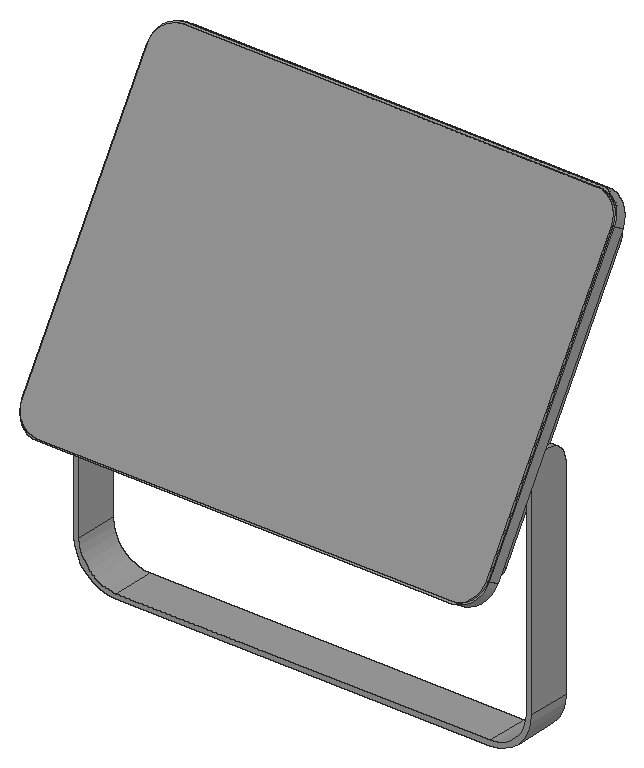
Revit family "0047969 Sylvania Lighting Fixture START eco Flood Flat IP65 4500lm 840", category Lighting Fixtures, host Face, Revit 2016
Family settings
  Host = Face
  Part Type = Normal
  Round Connector Dimension = Use Diameter
  OmniClass Number = 23.80.70.00
  OmniClass Title = Lighting
  Cut with Voids When Loaded = No
  Light Source = No
  Shared = No
  Room Calculation Point = No
Parameters (values of type "0047969 ST E FLD FLT IP65 4500LM 840")
  WidthBracketIn_SYL = if([10W_SYL], 102.2 mm, if([30W_SYL], 143.3 mm, if([50W_SYL], 181 mm, 262.8 mm)))  # 181 mm
  Weight = "3.925 kg"
  Wattage Comments = ""
  WarrantyStartDate [instance] = "n/a"
  WarrantyGuarantorParts = "n/a"
  WarrantyDurationUnit = "n/a"
  WarrantyDurationParts = "n/a"
  WarrantyDescription = "n/a"
  Voltage = 0 V
  URL = "http://www.sylvania-lighting.com"
  TypeName = "START eco Flood Flat IP65 4500lm 840"
  TypeLight_SYL = START eco Flood Flat Lamp : 0047969 ST E FLD FLT IP65 4500LM 840
  Type Image = <None>
  Type Comments = "n/a"
  ThicknessBracket_SYL = if([10W_SYL], 1.5 mm, 2 mm)  # 2 mm
  SerialNumber [instance] = "n/a"
  RotationAngle_SYL [instance] = 32.00°
  RadiusBracket_SYL = if([10W_SYL], 7.7 mm, if([30W_SYL], 8 mm, if([50W_SYL], 17 mm, 14 mm)))  # 17 mm
  RadiusBracketIn_SYL = RadiusBracket_SYL - ThicknessBracket_SYL  # 15 mm
  OffsetAxis_SYL = DepthBracket_SYL / 2  # 8.5 mm
  PowerFactor = 0.9
  PowerConsumption = "50 W"
  NominalLength = 193 mm
  NominalHeight = 48 mm
  NominalDepth = 190 mm
  Name = "START eco Flood Flat IP65 4500lm 840"
  ModelReference = Name  # "START eco Flood Flat IP65 4500lm 840"
  ModelNumber = "0047969"
  Model = Name  # "START eco Flood Flat IP65 4500lm 840"
  Material = "adc12 housing"
  ManufacturerName = "Feilo Sylvania"
  Manufacturer = "Feilo Sylvania"
  LuminousEfficacy = "95 lm/W"
  LuminaireType = ""
  LightOutputRatio = "n/a"
  LampsType = Lamp  # "LED"
  LampNominalLuminous = "4750 lm"
  LampMacAdamStep = "n/a"
  LampColourTemperature = "4000 K"
  LampColourRenderingIndex = "80"
  Lamp = "LED"
  Keynote = "16500"
  InstallationDate [instance] = "n/a"
  InputVoltage = "n/a"
  InputNominalFrequency = "n/a"
  IngressProtection = "IP65"
  ImpactProtectionIndex = "IK07"
  IfcExportType = "IfcLightFixtureType"
  IfcExportAs = "IfcLightFixtureType"
  HeightBracket_SYL = if([10W_SYL], 55 mm, if([30W_SYL], 70 mm, if([50W_SYL], 110 mm, 141 mm)))  # 110 mm
  ExpectedLife = 30000
  EndAngle_SYL [instance] = RotationAngle_SYL + 180.00°  # 212.00°
  ElectricShockClassification = "Class I"
  DurationUnit = "hours"
  DocumentationLiterature = "http://www.sylvania-lighting.com/product/en-int/products/0047969"
  DimmingControlOptions = "n/a"
  Description = "The new Start eco Flood Flat comes with improved design. The streamlined, durable, lightweight die-cast aluminium body makes it a perfect choice for building facades, car parks, garages and construction areas. The product includes 1 m pre-wired stripped cable and fitting bracket for quick and easy installation and the universal mounting bracket allows wall or surface mounting with the possibility of vertical tilting. Black die-cast aluminum housing, white reflector, 4750 lm, 50 W, 95 lm/W, 4000K, drive current 193 mA, non dimmable, CRI>80, IP65, IK07, Class I, lumen maintenance L70:B50: 30000 hrs, 193 x 190 x 48 mm (L x W x H). Weight: 0.785kg. Energy class: A++ A+ A."
  DepthBracket_SYL = if([10W_SYL], 15 mm, if([30W_SYL], 15 mm, if([50W_SYL], 17 mm, 25 mm)))  # 17 mm
  Default Elevation = 1219.2 mm
  CreatedOn = "10/8/2018"
  CreatedBy = "@sylvania-lighting.com"
  Cost = 0
  built-in parameter 1114216 [instance] = (empty or 0)
  ClassificationValue = "EF_70_80"
  ClassificationName = "Uniclass2015"
  Material_1_SYL = Body-Sylvania-FloodFlat-Black
  BarCode [instance] = "n/a"
  AssetType = "Fixed"
  AssetIdentifier [instance] = "n/a"
  Assembly Code = "D5020200"
  Apparent Load = 50 VA
  50W_SYL = yes
  30W_SYL = no
  10W_SYL = no
Reference planes
  plane 1 "Center (Front/Back)": y = 0
  plane 2: z = 0
  plane 3 "Center (Left/Right)": x = 0
  plane 4: x = -92.5
  plane 5: x = 92.5
  plane 6: z = 110
  plane 7: z = 101.5
  plane 8: x = -90.5
  plane 9: x = 90.5
  plane 10: z = 2
  plane 11: y = 8.5
  plane 12: y = -8.5
  plane 13: x = -75.5
  plane 14: z = 17
  plane 15: x = 75.5
  plane 16: y = -10.5
  plane 17: z = 112
  plane 18: y = 10.5
Forms (mm)
  Extrusion 1, solid, material "Body-Sylvania-FloodFlat-Black" <- "Material_1_SYL"
    sketch origin (0, 0, 0) x (1, 0, 0) y (0, 0, 1)
      loop
        line (-90.5, 110) -> (-92.5, 110) -> (-92.5, 17)
        arc (-92.5, 17) -> (-87.521, 4.979) -> (-75.5, 0) r 17
        line (-75.5, 0) -> (75.5, 0)
        arc (75.5, 0) -> (87.521, 4.979) -> (92.5, 17) r 17
        line (92.5, 17) -> (92.5, 110) -> (90.5, 110) -> (90.5, 17)
        arc (90.5, 17) -> (86.107, 6.393) -> (75.5, 2) r 15
        line (75.5, 2) -> (-75.5, 2)
        arc (-75.5, 2) -> (-86.107, 6.393) -> (-90.5, 17) r 15
        line (-90.5, 17) -> (-90.5, 110)
    from -8.5 to 8.5
  Extrusion 2, void
    sketch origin (0, 0, 0) x (0, 1, 0) y (0, 0, 1)
      loop
        line (8.5, 101.5) -> (10.5, 101.5) -> (10.5, 112) -> (-10.5, 112) -> (-10.5, 101.5) -> (-8.5, 101.5)
        arc (-8.5, 101.5) -> (0, 110) -> (8.5, 101.5) r 8.5
    from -92.5 to 92.5
  Revolve 3, solid, not visible
    sketch origin (0, 0, 0) x (1, 0, 0) y (0, 0, 1)
      loop
        line (0, 101.5) -> (0, 110) -> (-12.336, 110) -> (-12.336, 101.5) -> (0, 101.5)
      axis (0, 101.5) -> (-12.336, 101.5)
    angle from 32 <- "RotationAngle_SYL" to 212 <- "EndAngle_SYL"
Cuts and joins
  Extrusion 2 cuts Extrusion 1
Dimensions and locks
  equal spacing: plane 9, plane 3 "Center (Left/Right)", plane 8
  "WidthBracketIn_SYL": plane 9 to plane 8
  "ThicknessBracket_SYL": plane 8 to plane 4
  "ThicknessBracket_SYL": plane 5 to plane 9
  "ThicknessBracket_SYL": plane 10 to plane 2
  equal spacing: plane 12, plane 1 "Center (Front/Back)", plane 11
  "DepthBracket_SYL": plane 12 to plane 11
  "OffsetAxis_SYL": plane 7 to plane 6
  "HeightBracket_SYL": plane 6 to plane 2
  "RadiusBracket_SYL": plane 14 to plane 2
  equal spacing: plane 15, plane 3 "Center (Left/Right)", plane 13
  "RadiusBracket_SYL": plane 13 to plane 4
  equal spacing: plane 16, plane 1 "Center (Front/Back)", plane 18
  locked: plane 16 to plane 12 at 2
  locked: plane 6 to plane 17 at 2
  "RadiusBracket_SYL": radius of Extrusion 1 sketch curve  (x2)
  "RadiusBracketIn_SYL": radius of Extrusion 1 sketch curve  (x2)
  aligned and locked: plane 2 to host face
  aligned and locked: level to host face
  aligned and locked: Extrusion 1 sketch curve to plane 6  (x2)
  aligned and locked: Extrusion 1 sketch curve to plane 4
  aligned and locked: plane 5 to Extrusion 1 sketch curve
  aligned and locked: Extrusion 1 sketch curve to plane 9
  aligned and locked: Extrusion 1 sketch curve to plane 2
  aligned and locked: plane 13 to Extrusion 1 sketch curve
  aligned and locked: plane 14 to Extrusion 1 sketch curve  (x2)
  aligned and locked: plane 15 to Extrusion 1 sketch curve
  aligned and locked: Extrusion 1 to plane 11
  aligned and locked: plane 12 to Extrusion 1
  aligned and locked: plane 11 to Extrusion 2 sketch curve
  aligned and locked: plane 1 "Center (Front/Back)" to Extrusion 2 sketch curve
  aligned and locked: plane 7 to Extrusion 2 sketch curve
  aligned and locked: plane 17 to Extrusion 2 sketch curve
  aligned and locked: plane 18 to Extrusion 2 sketch curve
  aligned and locked: Extrusion 2 sketch curve to plane 16
  aligned and locked: Extrusion 2 sketch curve to plane 7  (x2)
  aligned and locked: plane 5 to Extrusion 2
  aligned and locked: Extrusion 2 to plane 4
  aligned and locked: Revolve 3 sketch curve to plane 7  (x2)
  aligned and locked: Revolve 3 sketch curve to plane 3 "Center (Left/Right)"
  aligned and locked: plane 6 to Revolve 3 sketch curve
  aligned and locked: plane 3 "Center (Left/Right)" to nested 1
Automatic sketch dimensions
  host sketch curve to host sketch curve = 2438.4 mm  (x2)
  Revolve 3 sketch curve to plane 3 "Center (Left/Right)" = 12.336 mm
  Revolve 3 sketch curve to plane 4 = 1122.5 mm
  plane 5 to Revolve 3 sketch curve = 1130.9 mm
Nested families
  nested 1: "START eco Flood Flat Lamp" at (0, 11.155, 119.351) x (1, 0, 0) z (0, -0.848, 0.5299), type <- "TypeLight_SYL", type "0047969 ST E FLD FLT IP65 4500LM 840"
    with built-in parameter 1114216 (empty or 0)
Connectors
  electrical at (0, 0, 0), driven by "Apparent Load", driven by "PowerFactor", driven by "Voltage"
    settings: index 1, voltage 0 V, apparent load 50 VA, apparent load phase1 0 VA, apparent load phase2 0 VA, apparent load phase3 0 VA, power factor 0.9, load classification "Lighting", number of poles 1, system type 30, power factor state 1, is connector primary yes, connector utility no, sub classification motor no, connector description ""
Definition of nested family "START eco Flood Flat Lamp"
  Parameters (values of type "0047977 ST E FLD FLT IP65 9000LM 840")
    Width_SYL = if([10W_SYL], 110 mm, if([30W_SYL], 151 mm, if([50W_SYL], 189 mm, 275 mm)))  # 275 mm
    WidthLEDBoard_SYL = if([10W_SYL], 40 mm, if([30W_SYL], 83 mm, if([50W_SYL], 80 mm, 180 mm)))  # 180 mm
    WidthVignette_SYL = if([10W_SYL], 78.6 mm, if([30W_SYL], 120 mm, if([50W_SYL], 157 mm, 226 mm)))  # 226 mm
    WidthBoltHousing_SYL = 4 * OffsetBoltHousing_SYL  # 24.5 mm
    Wattage Comments = "n/a"
    Wattage = 100 W
    built-in parameter 1150110 = 1 (stored number, unit not read)
    URL = "http://www.sylvania-lighting.com"
    Type Image = (empty or 0)
    Type Comments = "n/a"
    built-in parameter 1114217 = 1 (stored number, unit not read)
    Tilt Angle = -90.00°
    ThicknessScreen_SYL = if([10W_SYL], 5 mm, if([30W_SYL], 5.2 mm, if([50W_SYL], 5.4 mm, 6.1 mm)))  # 6.1 mm
    ThicknessDiffuser_SYL = 0.8 mm  # constant formula
    built-in parameter 1150109 = 1 (stored number, unit not read)
    built-in parameter 1150134 = 12
    built-in parameter 1150113 = 1 (stored number, unit not read)
    RotationAxisFromTop_SYL = if([10W_SYL], 48.8 mm, if([30W_SYL], 61.7 mm, if([50W_SYL], 91.3 mm, 133.4 mm)))  # 133.4 mm
    RadiusLEDBoard_SYL = if([10W_SYL], 1.5 mm, if([30W_SYL], 2 mm, if([50W_SYL], 1.9 mm, 3.7 mm)))  # 3.7 mm
    RadiusDiffuser_SYL = RadiusCorners_SYL - ThicknessDiffuser_SYL  # 13.4 mm
    RadiusCorners_SYL = if([10W_SYL], 10.5 mm, if([30W_SYL], 10.7 mm, if([50W_SYL], 10.7 mm, 14.2 mm)))  # 14.2 mm
    RadiusBoltHousing_SYL = if([10W_SYL], 4.1 mm, if([30W_SYL], 4.9 mm, if([50W_SYL], 5 mm, 8.1 mm)))  # 8.1 mm
    RadiusBack_SYL = RadiusCorners_SYL - OffsetXBack_SYL / 3  # 10.117 mm
    RadiusBackB_SYL = RadiusBack_SYL - OffsetXBackB_SYL  # 7.054 mm
    Photometric Web File = "0047977.ies"
    PIR_SYL = no
    PIRHolderRadius_SYL = PIRBaseFillet_SYL + 2 mm  # 11 mm
    PIRFillet_SYL = 3 mm  # constant formula
    PIRBaseWidth_SYL = 38 mm
    PIRBaseFillet_SYL = PIRBaseDepth_SYL / 2  # 9 mm
    PIRBaseDepth_SYL = 18 mm
    OffsetYBack_SYL = (Height_SYL - HeightVignette_SYL) / 4  # 11 mm
    OffsetYBackB_SYL = OffsetYBack_SYL / 4  # 2.75 mm
    OffsetXBack_SYL = (Width_SYL - WidthVignette_SYL) / 4  # 12.25 mm
    OffsetXBackB_SYL = OffsetXBack_SYL / 4  # 3.063 mm
    OffsetBoltHousing_SYL = OffsetXBack_SYL / 2  # 6.125 mm
    Material_7_SYL = none
    Material_6_SYL = none
    Material_5_SYL = none
    Material_3_SYL = none
    Model = "START eco Flood Flat IP65 9000lm 840"
    Manufacturer = "Feilo Sylvania"
    built-in parameter 1150105 = 3437 (stored number, unit not read)
    Lumens = 9500 lm
    built-in parameter 1150115 = 1 (stored number, unit not read)
    built-in parameter 1150137 = (empty or 0)
    built-in parameter 1150139 = (empty or 0)
    built-in parameter 1150112 = 1 (stored number, unit not read)
    built-in parameter 1150114 = 1 (stored number, unit not read)
    Lamp = "LED"
    Keynote = "16500"
    Material_2_SYL = none
    InsertionPlaneFromTop_SYL = if([10W_SYL], 15.1 mm, if([30W_SYL], 14.5 mm, if([50W_SYL], 14.8 mm, 19.3 mm)))  # 19.3 mm
    built-in parameter 1150132 = (empty or 0)
    built-in parameter 1150102 = (empty or 0)
    built-in parameter 1150107 = 4000 (stored number, unit not read)
    built-in parameter 1150138 = (empty or 0)
    built-in parameter 1150106 = 34.37 (stored number, unit not read)
    Height_SYL = if([10W_SYL], 81.6 mm, if([30W_SYL], 112 mm, if([50W_SYL], 140.5 mm, 211 mm)))  # 211 mm
    HeightVignette_SYL = if([10W_SYL], 50 mm, if([30W_SYL], 81 mm, if([50W_SYL], 110 mm, 167 mm)))  # 167 mm
    HeightLEDBoard_SYL = if([10W_SYL], 25 mm, if([30W_SYL], 39 mm, if([50W_SYL], 56 mm, 132 mm)))  # 132 mm
    Emit from Rectangle Width = HeightVignette_SYL - 2 * RadiusVignette_SYL  # 146.2 mm
    Emit from Rectangle Length = WidthVignette_SYL - 2 * RadiusVignette_SYL  # 205.2 mm
    Emit Shape Visible in Rendering = no
    built-in parameter 1150104 = 8.8258 (stored number, unit not read)
    Dimming Lamp Color Temperature Shift = (empty or 0)
    DepthLEDBoard_SYL = (ThicknessScreen_SYL + DepthBack_SYL) / 9  # 2.289 mm
    DepthBack_SYL = if([10W_SYL], 10.2 mm, if([30W_SYL], 14.7 mm, if([50W_SYL], 16.9 mm, 14.5 mm)))  # 14.5 mm
    RadiusVignette_SYL = if([10W_SYL], 4.1 mm, if([30W_SYL], 4.1 mm, if([50W_SYL], 4.1 mm, 10.4 mm)))  # 10.4 mm
    Description = "The new Start eco Flood Flat comes with improved design. The streamlined, durable, lightweight die-cast aluminium body makes it a perfect choice for building facades, car parks, garages and construction areas. The product includes 1 m pre-wired stripped cable and fitting bracket for quick and easy installation and the universal mounting bracket allows wall or surface mounting with the possibility of vertical tilting. Black die-cast aluminum housing, white reflector, 9500 lm, 100 W, 95 lm/W, 4000K, drive current 386 mA, non dimmable, CRI>80, IP65, IK07, Class I, lumen maintenance L70:B50: 30000 hrs, 283 x 263 x 44 mm (L x W x H). Weight: 1.775kg. Energy class: A++ A+ A."
    DepthReflector_SYL = (ThicknessScreen_SYL + DepthBack_SYL) / 2  # 10.3 mm
    Default Elevation = 1219.2 mm
    Cost = 0
    Color Filter = 16777215
    built-in parameter 1114216 [instance] = (empty or 0)
    Material_1_SYL = none
    built-in parameter 1114218 = 1 (stored number, unit not read)
    built-in parameter 1150133 = 10 (stored number, unit not read)
    Assembly Code = "D5020200"
    Apparent Load = 100 VA
    Material_4_SYL = none
    50W_SYL = no
    30W_SYL = no
    10W_SYL = no
  Types (16, lengths in mm): name | Width_SYL | WidthLEDBoard_SYL | WidthVignette_SYL | WidthBoltHousing_SYL | Wattage | ThicknessScreen_SYL | built-in parameter 1150134 | RotationAxisFromTop_SYL | RadiusLEDBoard_SYL | RadiusDiffuser_SYL | RadiusCorners_SYL | RadiusBoltHousing_SYL | RadiusBack_SYL | RadiusBackB_SYL | Photometric Web File | PIR_SYL | OffsetYBack_SYL | OffsetYBackB_SYL | OffsetXBack_SYL | OffsetXBackB_SYL | OffsetBoltHousing_SYL | Model | built-in parameter 1150105 | Lumens | InsertionPlaneFromTop_SYL | built-in parameter 1150107 | built-in parameter 1150106 | Height_SYL | HeightVignette_SYL | HeightLEDBoard_SYL | Emit from Rectangle Width | Emit from Rectangle Length | built-in parameter 1150104 | DepthLEDBoard_SYL | DepthBack_SYL | RadiusVignette_SYL | Description | DepthReflector_SYL | Apparent Load | 50W_SYL | 30W_SYL | 10W_SYL
    0047977 ST E FLD FLT IP65 9000LM 840 | 275 | 180 | 226 | 24.5 | 100 W | 6.1 | 12 | 133.4 | 3.7 | 13.4 | 14.2 | 8.1 | 10.117 | 7.054 | "0047977.ies" | no | 11 | 2.75 | 12.25 | 3.063 | 6.125 | "START eco Flood Flat IP65 9000lm 840" | 3437 (stored number, unit not read) | 9500 lm | 19.3 | 4000 (stored number, unit not read) | 34.37 (stored number, unit not read) | 211 | 167 | 132 | 146.2 | 205.2 | 8.8258 (stored number, unit not read) | 2.289 | 14.5 | 10.4 | "The new Start eco Flood Flat comes with improved design. The streamlined, durable, lightweight die-cast aluminium body makes it a perfect choice for building facades, car parks, garages and construction areas. The product includes 1 m pre-wired stripped cable and fitting bracket for quick and easy installation and the universal mounting bracket allows wall or surface mounting with the possibility of vertical tilting. Black die-cast aluminum housing, white reflector, 9500 lm, 100 W, 95 lm/W, 4000K, drive current 386 mA, non dimmable, CRI>80, IP65, IK07, Class I, lumen maintenance L70:B50: 30000 hrs, 283 x 263 x 44 mm (L x W x H). Weight: 1.775kg. Energy class: A++ A+ A." | 10.3 | 100 VA | no | no | no
    0047976 ST E FLD FLT IP65 9000LM 830 | 275 | 180 | 226 | 24.5 | 100 W | 6.1 | (empty or 0) | 133.4 | 3.7 | 13.4 | 14.2 | 8.1 | 10.117 | 7.054 | "0047976.ies" | no | 11 | 2.75 | 12.25 | 3.063 | 6.125 | "START eco Flood Flat IP65 9000lm 830" | 3256.1 (stored number, unit not read) | 9000 lm | 19.3 | 3000 (stored number, unit not read) | 32.561 (stored number, unit not read) | 211 | 167 | 132 | 146.2 | 205.2 | 8.3613 (stored number, unit not read) | 2.289 | 14.5 | 10.4 | "The new Start eco Flood Flat comes with improved design. The streamlined, durable, lightweight die-cast aluminium body makes it a perfect choice for building facades, car parks, garages and construction areas. The product includes 1 m pre-wired stripped cable and fitting bracket for quick and easy installation and the universal mounting bracket allows wall or surface mounting with the possibility of vertical tilting. Black die-cast aluminum housing, white reflector, 9000 lm, 100 W, 90 lm/W, 3000K, drive current 386 mA, non dimmable, CRI>80, IP65, IK07, Class I, lumen maintenance L70:B50: 30000 hrs, 283 x 263 x 44 mm (L x W x H). Weight: 1.775kg. Energy class: A++ A+ A." | 10.3 | 100 VA | no | no | no
    0047973 ST E FLD FLT IP65 6500LM 840 | 275 | 180 | 226 | 24.5 | 70 W | 6.1 | 12 | 133.4 | 3.7 | 13.4 | 14.2 | 8.1 | 10.117 | 7.054 | "0047973.ies" | no | 11 | 2.75 | 12.25 | 3.063 | 6.125 | "START eco Flood Flat IP65 6500lm 840" | 2460.1 (stored number, unit not read) | 6650 lm | 19.3 | 4000 (stored number, unit not read) | 24.601 (stored number, unit not read) | 211 | 167 | 132 | 146.2 | 205.2 | 8.8258 (stored number, unit not read) | 2.289 | 14.5 | 10.4 | "The new Start eco Flood Flat comes with improved design. The streamlined, durable, lightweight die-cast aluminium body makes it a perfect choice for building facades, car parks, garages and construction areas. The product includes 1 m pre-wired stripped cable and fitting bracket for quick and easy installation and the universal mounting bracket allows wall or surface mounting with the possibility of vertical tilting. Black die-cast aluminum housing, white reflector, 6650 lm, 70 W, 95 lm/W, 4000K, drive current 270 mA, non dimmable, CRI>80, IP65, IK07, Class I, lumen maintenance L70:B50: 30000 hrs, 283 x 263 x 44 mm (L x W x H). Weight: 1.775kg. Energy class: A++ A+ A." | 10.3 | 70 VA | no | no | no
    0047972 ST E FLD FLT IP65 6500LM 830 | 275 | 180 | 226 | 24.5 | 70 W | 6.1 | (empty or 0) | 133.4 | 3.7 | 13.4 | 14.2 | 8.1 | 10.117 | 7.054 | "0047972.ies" | no | 11 | 2.75 | 12.25 | 3.063 | 6.125 | "START eco Flood Flat IP65 6500lm 830" | 2330.6 (stored number, unit not read) | 6300 lm | 19.3 | 3000 (stored number, unit not read) | 23.306 (stored number, unit not read) | 211 | 167 | 132 | 146.2 | 205.2 | 8.3613 (stored number, unit not read) | 2.289 | 14.5 | 10.4 | "The new Start eco Flood Flat comes with improved design. The streamlined, durable, lightweight die-cast aluminium body makes it a perfect choice for building facades, car parks, garages and construction areas. The product includes 1 m pre-wired stripped cable and fitting bracket for quick and easy installation and the universal mounting bracket allows wall or surface mounting with the possibility of vertical tilting. Black die-cast aluminum housing, white reflector, 6300 lm, 70 W, 90 lm/W, 3000K, drive current 270 mA, non dimmable, CRI>80, IP65, IK07, Class I, lumen maintenance L70:B50: 30000 hrs, 283 x 263 x 44 mm (L x W x H). Weight: 1.775kg. Energy class: A++ A+ A." | 10.3 | 70 VA | no | no | no
    0047971 ST E FLD FLT IP54 PIR 4500LM 840 | 189 | 80 | 157 | 16 | 51 W | 5.4 | 12 | 91.3 | 1.9 | 9.9 | 10.7 | 5 | 8.033 | 6.033 | "0047971.ies" | yes | 7.625 | 1.906 | 8 | 2 | 4 | "START eco Flood Flat IP54 PIR 4500lm 840" | 1695.8 (stored number, unit not read) | 4743 lm | 14.8 | 4000 (stored number, unit not read) | 16.958 (stored number, unit not read) | 140.5 | 110 | 56 | 101.8 | 148.8 | 8.64 (stored number, unit not read) | 2.478 | 16.9 | 4.1 | "The new Start eco Flood Flat comes with improved design. The streamlined, durable, lightweight die-cast aluminium body makes it a perfect choice for building facades, car parks, garages and construction areas. The product includes 1 m pre-wired stripped cable and fitting bracket for quick and easy installation and the universal mounting bracket allows wall or surface mounting with the possibility of vertical tilting. Black die-cast aluminum housing, white reflector, 4750 lm, 51 W, 93 lm/W, 4000K, drive current 193 mA, non dimmable, CRI>80, IP54, IK07 - fixture, IK05 - sensor, Class I, lumen maintenance L70:B50: 30000 hrs, 193 x 216 x 70 mm (L x W x H). Weight: 0.85kg.  PIR sensor included. Energy class: A++ A+ A." | 11.15 | 51 VA | yes | no | no
    0047970 ST E FLD FLT IP54 PIR 4500LM 830 | 189 | 80 | 157 | 16 | 51 W | 5.4 | (empty or 0) | 91.3 | 1.9 | 9.9 | 10.7 | 5 | 8.033 | 6.033 | "0047970.ies" | yes | 7.625 | 1.906 | 8 | 2 | 4 | "START eco Flood Flat IP54 PIR 4500lm 830" | 1604.6 (stored number, unit not read) | 4488 lm | 14.8 | 3000 (stored number, unit not read) | 16.046 (stored number, unit not read) | 140.5 | 110 | 56 | 101.8 | 148.8 | 8.1755 (stored number, unit not read) | 2.478 | 16.9 | 4.1 | "The new Start eco Flood Flat comes with improved design. The streamlined, durable, lightweight die-cast aluminium body makes it a perfect choice for building facades, car parks, garages and construction areas. The product includes 1 m pre-wired stripped cable and fitting bracket for quick and easy installation and the universal mounting bracket allows wall or surface mounting with the possibility of vertical tilting. Black die-cast aluminum housing, white reflector, 4500 lm, 51 W, 88 lm/W, 3000K, drive current 193 mA, non dimmable, CRI>80, IP54, IK07 - fixture, IK05 - sensor, Class I, lumen maintenance L70:B50: 30000 hrs, 193 x 216 x 70 mm (L x W x H). Weight: 0.85kg.  PIR sensor included. Energy class: A++ A+ A." | 11.15 | 51 VA | yes | no | no
    0047969 ST E FLD FLT IP65 4500LM 840 | 189 | 80 | 157 | 16 | 50 W | 5.4 | 12 | 91.3 | 1.9 | 9.9 | 10.7 | 5 | 8.033 | 6.033 | "0047969.ies" | no | 7.625 | 1.906 | 8 | 2 | 4 | "START eco Flood Flat IP65 4500lm 840" | 1698.3 (stored number, unit not read) | 4750 lm | 14.8 | 4000 (stored number, unit not read) | 16.983 (stored number, unit not read) | 140.5 | 110 | 56 | 101.8 | 148.8 | 8.8258 (stored number, unit not read) | 2.478 | 16.9 | 4.1 | "The new Start eco Flood Flat comes with improved design. The streamlined, durable, lightweight die-cast aluminium body makes it a perfect choice for building facades, car parks, garages and construction areas. The product includes 1 m pre-wired stripped cable and fitting bracket for quick and easy installation and the universal mounting bracket allows wall or surface mounting with the possibility of vertical tilting. Black die-cast aluminum housing, white reflector, 4750 lm, 50 W, 95 lm/W, 4000K, drive current 193 mA, non dimmable, CRI>80, IP65, IK07, Class I, lumen maintenance L70:B50: 30000 hrs, 193 x 190 x 48 mm (L x W x H). Weight: 0.785kg. Energy class: A++ A+ A." | 11.15 | 50 VA | yes | no | no
    0047968 ST E FLD FLT IP65 4500LM 830 | 189 | 80 | 157 | 16 | 50 W | 5.4 | (empty or 0) | 91.3 | 1.9 | 9.9 | 10.7 | 5 | 8.033 | 6.033 | "0047968.ies" | no | 7.625 | 1.906 | 8 | 2 | 4 | "START eco Flood Flat IP65 4500lm 830" | 1608.9 (stored number, unit not read) | 4500 lm | 14.8 | 3000 (stored number, unit not read) | 16.089 (stored number, unit not read) | 140.5 | 110 | 56 | 101.8 | 148.8 | 8.3613 (stored number, unit not read) | 2.478 | 16.9 | 4.1 | "The new Start eco Flood Flat comes with improved design. The streamlined, durable, lightweight die-cast aluminium body makes it a perfect choice for building facades, car parks, garages and construction areas. The product includes 1 m pre-wired stripped cable and fitting bracket for quick and easy installation and the universal mounting bracket allows wall or surface mounting with the possibility of vertical tilting. Black die-cast aluminum housing, white reflector, 4500 lm, 50 W, 90 lm/W, 3000K, drive current 193 mA, non dimmable, CRI>80, IP65, IK07, Class I, lumen maintenance L70:B50: 30000 hrs, 193 x 190 x 48 mm (L x W x H). Weight: 0.785kg. Energy class: A++ A+ A." | 11.15 | 50 VA | yes | no | no
    0047967 ST E FLD FLT IP54 PIR 2800LM 840 | 151 | 83 | 120 | 15.5 | 31 W | 5.2 | 12 | 61.7 | 2 | 9.9 | 10.7 | 4.9 | 8.117 | 6.179 | "0047967.ies" | yes | 7.75 | 1.938 | 7.75 | 1.938 | 3.875 | "START eco Flood Flat IP54 PIR 2800lm 840" | 1045.5 (stored number, unit not read) | 2852 lm | 14.5 | 4000 (stored number, unit not read) | 10.455 (stored number, unit not read) | 112 | 81 | 39 | 72.8 | 111.8 | 8.5471 (stored number, unit not read) | 2.211 | 14.7 | 4.1 | "The new Start eco Flood Flat comes with improved design. The streamlined, durable, lightweight die-cast aluminium body makes it a perfect choice for building facades, car parks, garages and construction areas. The product includes 1 m pre-wired stripped cable and fitting bracket for quick and easy installation and the universal mounting bracket allows wall or surface mounting with the possibility of vertical tilting. Black die-cast aluminum housing, white reflector, 2850 lm, 31 W, 92 lm/W, 4000K, drive current 116 mA, non dimmable, CRI>80, IP54, IK06 - fixture, IK05 - sensor, Class I, lumen maintenance L70:B50: 30000 hrs, 156 x 178 x 67 mm (L x W x H). Weight: 0.61kg.  PIR sensor included. Energy class: A++ A+ A." | 9.95 | 31 VA | no | yes | no
    0047966 ST E FLD FLT IP54 PIR 2800LM 830 | 151 | 83 | 120 | 15.5 | 31 W | 5.2 | (empty or 0) | 61.7 | 2 | 9.9 | 10.7 | 4.9 | 8.117 | 6.179 | "0047966.ies" | yes | 7.75 | 1.938 | 7.75 | 1.938 | 3.875 | "START eco Flood Flat IP54 PIR 2800lm 830" | 988.72 (stored number, unit not read) | 2697 lm | 14.5 | 3000 (stored number, unit not read) | 9.8872 (stored number, unit not read) | 112 | 81 | 39 | 72.8 | 111.8 | 8.0826 (stored number, unit not read) | 2.211 | 14.7 | 4.1 | "The new Start eco Flood Flat comes with improved design. The streamlined, durable, lightweight die-cast aluminium body makes it a perfect choice for building facades, car parks, garages and construction areas. The product includes 1 m pre-wired stripped cable and fitting bracket for quick and easy installation and the universal mounting bracket allows wall or surface mounting with the possibility of vertical tilting. Black die-cast aluminum housing, white reflector, 2700 lm, 31 W, 87 lm/W, 3000K, drive current 116 mA, non dimmable, CRI>80, IP54, IK06 - fixture, IK05 - sensor, Class I, lumen maintenance L70:B50: 30000 hrs, 156 x 178 x 67 mm (L x W x H). Weight: 0.61kg.  PIR sensor included. Energy class: A++ A+ A." | 9.95 | 31 VA | no | yes | no
    0047965 ST E FLD FLT IP65 2800LM 840 | 151 | 83 | 120 | 15.5 | 30 W | 5.2 | 12 | 61.7 | 2 | 9.9 | 10.7 | 4.9 | 8.117 | 6.179 | "0047965.ies" | no | 7.75 | 1.938 | 7.75 | 1.938 | 3.875 | "START eco Flood Flat IP65 2800lm 840" | 1044.8 (stored number, unit not read) | 2850 lm | 14.5 | 4000 (stored number, unit not read) | 10.448 (stored number, unit not read) | 112 | 81 | 39 | 72.8 | 111.8 | 8.8258 (stored number, unit not read) | 2.211 | 14.7 | 4.1 | "The new Start eco Flood Flat comes with improved design. The streamlined, durable, lightweight die-cast aluminium body makes it a perfect choice for building facades, car parks, garages and construction areas. The product includes 1 m pre-wired stripped cable and fitting bracket for quick and easy installation and the universal mounting bracket allows wall or surface mounting with the possibility of vertical tilting. Black die-cast aluminum housing, white reflector, 2850 lm, 30 W, 95 lm/W, 4000K, drive current 116 mA, non dimmable, CRI>80, IP65, IK06, Class I, lumen maintenance L70:B50: 30000 hrs, 156 x 126 x 38 mm (L x W x H). Weight: 0.545kg. Energy class: A++ A+ A." | 9.95 | 30 VA | no | yes | no
    0047964 ST E FLD FLT IP65 2800LM 830 | 151 | 83 | 120 | 15.5 | 30 W | 5.2 | (empty or 0) | 61.7 | 2 | 9.9 | 10.7 | 4.9 | 8.117 | 6.179 | "0047964.ies" | no | 7.75 | 1.938 | 7.75 | 1.938 | 3.875 | "START eco Flood Flat IP65 2800lm 830" | 989.82 (stored number, unit not read) | 2700 lm | 14.5 | 3000 (stored number, unit not read) | 9.8982 (stored number, unit not read) | 112 | 81 | 39 | 72.8 | 111.8 | 8.3613 (stored number, unit not read) | 2.211 | 14.7 | 4.1 | "The new Start eco Flood Flat comes with improved design. The streamlined, durable, lightweight die-cast aluminium body makes it a perfect choice for building facades, car parks, garages and construction areas. The product includes 1 m pre-wired stripped cable and fitting bracket for quick and easy installation and the universal mounting bracket allows wall or surface mounting with the possibility of vertical tilting. Black die-cast aluminum housing, white reflector, 2700 lm, 30 W, 90 lm/W, 3000K, drive current 116 mA, non dimmable, CRI>80, IP65, IK06, Class I, lumen maintenance L70:B50: 30000 hrs, 156 x 126 x 38 mm (L x W x H). Weight: 0.545kg. Energy class: A++ A+ A." | 9.95 | 30 VA | no | yes | no
    0047963 ST E FLD FLT IP54 PIR 900LM 840 | 110 | 40 | 78.6 | 15.7 | 11 W | 5 | 12 | 48.8 | 1.5 | 9.7 | 10.5 | 4.1 | 7.883 | 5.921 | "0047963.ies" | yes | 7.9 | 1.975 | 7.85 | 1.963 | 3.925 | "START eco Flood Flat IP54 PIR 900lm 840" | 365.78 (stored number, unit not read) | 946 lm | 15.1 | 4000 (stored number, unit not read) | 3.6578 (stored number, unit not read) | 81.6 | 50 | 25 | 41.8 | 70.4 | 7.9897 (stored number, unit not read) | 1.689 | 10.2 | 4.1 | "The new Start eco Flood Flat comes with improved design. The streamlined, durable, lightweight die-cast aluminium body makes it a perfect choice for building facades, car parks, garages and construction areas. The product includes 1 m pre-wired stripped cable and fitting bracket for quick and easy installation and the universal mounting bracket allows wall or surface mounting with the possibility of vertical tilting. Black die-cast aluminum housing, white reflector, 950 lm, 11 W, 86 lm/W, 4000K, drive current 38.6 mA, non dimmable, CRI>80, IP54, IK06 - fixture, IK05 - sensor, Class I, lumen maintenance L70:B50: 30000 hrs, 156 x 178 x 67 mm (L x W x H). Weight: 0.61kg.  PIR sensor included. Energy class: A++ A+ A." | 7.6 | 11 VA | no | no | yes
    0047962 ST E FLD FLT IP54 PIR 900LM 830 | 110 | 40 | 78.6 | 15.7 | 11 W | 5 | (empty or 0) | 48.8 | 1.5 | 9.7 | 10.5 | 4.1 | 7.883 | 5.921 | "0047962.ies" | yes | 7.9 | 1.975 | 7.85 | 1.963 | 3.925 | "START eco Flood Flat IP54 PIR 900lm 830" | 345.53 (stored number, unit not read) | 902 lm | 15.1 | 3000 (stored number, unit not read) | 3.4553 (stored number, unit not read) | 81.6 | 50 | 25 | 41.8 | 70.4 | 7.618 (stored number, unit not read) | 1.689 | 10.2 | 4.1 | "The new Start eco Flood Flat comes with improved design. The streamlined, durable, lightweight die-cast aluminium body makes it a perfect choice for building facades, car parks, garages and construction areas. The product includes 1 m pre-wired stripped cable and fitting bracket for quick and easy installation and the universal mounting bracket allows wall or surface mounting with the possibility of vertical tilting. Black die-cast aluminum housing, white reflector, 900 lm, 11 W, 82 lm/W, 3000K, drive current 38.6 mA, non dimmable, CRI>80, IP54, IK06 - fixture, IK05 - sensor, Class I, lumen maintenance L70:B50: 30000 hrs, 156 x 178 x 67 mm (L x W x H). Weight: 0.61kg.  PIR sensor included. Energy class: A++ A+ A." | 7.6 | 11 VA | no | no | yes
    0047961 ST E FLD FLT IP65 900LM 840 | 110 | 40 | 78.6 | 15.7 | 10 W | 5 | 12 | 48.8 | 1.5 | 9.7 | 10.5 | 4.1 | 7.883 | 5.921 | "0047961.ies" | no | 7.9 | 1.975 | 7.85 | 1.963 | 3.925 | "START eco Flood Flat IP65 900lm 840" | 367.33 (stored number, unit not read) | 950 lm | 15.1 | 4000 (stored number, unit not read) | 3.6733 (stored number, unit not read) | 81.6 | 50 | 25 | 41.8 | 70.4 | 8.8258 (stored number, unit not read) | 1.689 | 10.2 | 4.1 | "The new Start eco Flood Flat comes with improved design. The streamlined, durable, lightweight die-cast aluminium body makes it a perfect choice for building facades, car parks, garages and construction areas. The product includes 1 m pre-wired stripped cable and fitting bracket for quick and easy installation and the universal mounting bracket allows wall or surface mounting with the possibility of vertical tilting. Black die-cast aluminum housing, white reflector, 950 lm, 10 W, 95 lm/W, 4000K, drive current 38.6 mA, non dimmable, CRI>80, IP65, IK06, Class I, lumen maintenance L70:B50: 30000 hrs, 114 x 96 x 38 mm (L x W x H). Weight: 0.33kg. Energy class: A++ A+ A." | 7.6 | 10 VA | no | no | yes
    0047960 ST E FLD FLT IP65 900LM 830 | 110 | 40 | 78.6 | 15.7 | 10 W | 5 | (empty or 0) | 48.8 | 1.5 | 9.7 | 10.5 | 4.1 | 7.883 | 5.921 | "0047960.ies" | no | 7.9 | 1.975 | 7.85 | 1.963 | 3.925 | "START eco Flood Flat IP65 900lm 830" | 344.76 (stored number, unit not read) | 900 lm | 15.1 | 3000 (stored number, unit not read) | 3.4476 (stored number, unit not read) | 81.6 | 50 | 25 | 41.8 | 70.4 | 8.3613 (stored number, unit not read) | 1.689 | 10.2 | 4.1 | "The new Start eco Flood Flat comes with improved design. The streamlined, durable, lightweight die-cast aluminium body makes it a perfect choice for building facades, car parks, garages and construction areas. The product includes 1 m pre-wired stripped cable and fitting bracket for quick and easy installation and the universal mounting bracket allows wall or surface mounting with the possibility of vertical tilting. Black die-cast aluminum housing, white reflector, 900 lm, 10 W, 90 lm/W, 3000K, drive current 38.6 mA, non dimmable, CRI>80, IP65, IK06, Class I, lumen maintenance L70:B50: 30000 hrs, 114 x 96 x 38 mm (L x W x H). Weight: 0.33kg. Energy class: A++ A+ A." | 7.6 | 10 VA | no | no | yes
  Reference planes
    plane 1 "Center (Front/Back)": y = 0
    plane 2: z = 0
    plane 3 "Center (Left/Right)": x = 0
    plane 4: y = 105.5
    plane 5: y = -105.5
    plane 6: x = 137.5
    plane 7: x = -137.5
    plane 8: y = 83.5
    plane 9: y = -83.5
    plane 10: x = -113
    plane 11: x = 113
    plane 12: x = -123.3
    plane 13: y = 91.3
    plane 14: y = -91.3
    plane 15: x = 123.3
    plane 16: x = -102.6
    plane 17: y = 73.1
    plane 18: x = 102.6
    plane 19: y = -73.1
    plane 20: z = 19.3
    plane 21: z = 13.2
    plane 22: z = 9
    plane 23: z = -1.3
    plane 24: x = -125.25
    plane 25: y = 94.5
    plane 26: y = -94.5
    plane 27: x = 125.25
    plane 28: x = -122.187
    plane 29: x = 122.188
    plane 30: y = 91.75
    plane 31: y = -91.75
    plane 32: z = 18.5
    plane 33: x = -90
    plane 34: x = 90
    plane 35: y = 66
    plane 36: y = -66
    plane 37: z = 6.711
    plane 38: x = -136.7
    plane 39: y = 104.7
    plane 40: y = -104.7
    plane 41: x = 136.7
    plane 42: x = -131.375
    plane 43: x = 131.375
    plane 44: x = -106.875
    plane 45: x = 106.875
    plane 46 "RotationAxis": y = -27.9
    plane 47: y = -19.8
    plane 48: x = -19
    plane 49: x = 19
    plane 50: z = -10.3
    plane 51: z = 7.7
    plane 52: x = 10
    plane 53: x = -10
    plane 54: y = -155.5
    plane 55: y = -137.5
    plane 56: y = -146.5
    plane 57: x = -9
    plane 58: x = 9
    plane 59: y = -119.7
    plane 60: y = -173.3
    plane 61: x = -35.3
    plane 62: x = 35.3
    plane 63: z = 39.2
    plane 64: z = 33.7
  Forms (mm)
    Extrusion 1, solid
      sketch origin (4.2, 0, 0) x (1, 0, 0) y (0, 1, 0)
        loop
          line (-1219.2, 1219.2) -> (-1219.2, -1219.2) -> (1219.2, -1219.2) -> (1219.2, 1219.2) -> (-1219.2, 1219.2)
      from 0 to -68.017
    Extrusion 2, solid, material <- "Material_1_SYL"
      sketch origin (1223.4, -4572, 19.3) x (0, -1, 0) y (-1, 0, 0)
        loop
          line (-4677.5, 1346.7) -> (-4677.5, 1100.1)
          arc (-4677.5, 1100.1) -> (-4673.341, 1090.059) -> (-4663.3, 1085.9) r 14.2
          line (-4663.3, 1085.9) -> (-4480.7, 1085.9)
          arc (-4480.7, 1085.9) -> (-4470.659, 1090.059) -> (-4466.5, 1100.1) r 14.2
          line (-4466.5, 1100.1) -> (-4466.5, 1346.7)
          arc (-4466.5, 1346.7) -> (-4470.659, 1356.741) -> (-4480.7, 1360.9) r 14.2
          line (-4480.7, 1360.9) -> (-4663.3, 1360.9)
          arc (-4663.3, 1360.9) -> (-4673.341, 1356.741) -> (-4677.5, 1346.7) r 14.2
      from 6.1 to 0.8
    Blend 3, solid, material <- "Material_1_SYL"
      base sketch origin (1223.4, -4572, 13.2) x (0, -1, 0) y (1, 0, 0)
        loop
          arc (-4666.5, -1338.533) -> (-4663.537, -1345.687) -> (-4656.383, -1348.65) r 10.117
          line (-4656.383, -1348.65) -> (-4487.617, -1348.65)
          arc (-4487.617, -1348.65) -> (-4480.463, -1345.687) -> (-4477.5, -1338.533) r 10.117
          line (-4477.5, -1338.533) -> (-4477.5, -1108.267)
          arc (-4477.5, -1108.267) -> (-4480.463, -1101.113) -> (-4487.617, -1098.15) r 10.117
          line (-4487.617, -1098.15) -> (-4656.383, -1098.15)
          arc (-4656.383, -1098.15) -> (-4663.537, -1101.113) -> (-4666.5, -1108.267) r 10.117
          line (-4666.5, -1108.267) -> (-4666.5, -1338.533)
      top sketch origin (1223.4, -4572, 13.2) x (0, -1, 0) y (1, 0, 0)
        loop
          arc (-4663.75, -1338.533) -> (-4661.684, -1343.521) -> (-4656.696, -1345.588) r 7.054
          line (-4656.696, -1345.588) -> (-4487.304, -1345.588)
          arc (-4487.304, -1345.588) -> (-4482.316, -1343.521) -> (-4480.25, -1338.533) r 7.054
          line (-4480.25, -1338.533) -> (-4480.25, -1108.267)
          arc (-4480.25, -1108.267) -> (-4482.316, -1103.279) -> (-4487.304, -1101.213) r 7.054
          line (-4487.304, -1101.213) -> (-4656.696, -1101.213)
          arc (-4656.696, -1101.213) -> (-4661.684, -1103.279) -> (-4663.75, -1108.267) r 7.054
          line (-4663.75, -1108.267) -> (-4663.75, -1338.533)
      from 0 to -14.5
    Blend 4, void
      base sketch origin (1223.4, -4572, 18.5) x (-1, 0, 0) y (0, -1, 0)
        loop
          arc (1326, -4655.5) -> (1333.354, -4652.454) -> (1336.4, -4645.1) r 10.4
          line (1336.4, -4645.1) -> (1336.4, -4498.9)
          arc (1336.4, -4498.9) -> (1333.354, -4491.546) -> (1326, -4488.5) r 10.4
          line (1326, -4488.5) -> (1120.8, -4488.5)
          arc (1120.8, -4488.5) -> (1113.446, -4491.546) -> (1110.4, -4498.9) r 10.4
          line (1110.4, -4498.9) -> (1110.4, -4645.1)
          arc (1110.4, -4645.1) -> (1113.446, -4652.454) -> (1120.8, -4655.5) r 10.4
          line (1120.8, -4655.5) -> (1326, -4655.5)
      top sketch origin (1223.4, -4572, 18.5) x (0, -1, 0) y (1, 0, 0)
        loop
          arc (-4638, -1309.7) -> (-4636.916, -1312.316) -> (-4634.3, -1313.4) r 3.7
          line (-4634.3, -1313.4) -> (-4509.7, -1313.4)
          arc (-4509.7, -1313.4) -> (-4507.084, -1312.316) -> (-4506, -1309.7) r 3.7
          line (-4506, -1309.7) -> (-4506, -1137.1)
          arc (-4506, -1137.1) -> (-4507.084, -1134.484) -> (-4509.7, -1133.4) r 3.7
          line (-4509.7, -1133.4) -> (-4634.3, -1133.4)
          arc (-4634.3, -1133.4) -> (-4636.916, -1134.484) -> (-4638, -1137.1) r 3.7
          line (-4638, -1137.1) -> (-4638, -1309.7)
      from 0 to -9.5
    Extrusion 5, void
      sketch origin (1223.4, -4572, 9) x (-1, 0, 0) y (0, -1, 0)
        loop
          arc (1133.4, -4634.3) -> (1134.484, -4636.916) -> (1137.1, -4638) r 3.7
          line (1137.1, -4638) -> (1309.7, -4638)
          arc (1309.7, -4638) -> (1312.316, -4636.916) -> (1313.4, -4634.3) r 3.7
          line (1313.4, -4634.3) -> (1313.4, -4509.7)
          arc (1313.4, -4509.7) -> (1312.316, -4507.084) -> (1309.7, -4506) r 3.7
          line (1309.7, -4506) -> (1137.1, -4506)
          arc (1137.1, -4506) -> (1134.484, -4507.084) -> (1133.4, -4509.7) r 3.7
          line (1133.4, -4509.7) -> (1133.4, -4634.3)
      from 4.2 to -2.289
    Extrusion 6, solid, material <- "Material_3_SYL"
      sketch origin (1223.4, -4572, 19.3) x (0, -1, 0) y (-1, 0, 0)
        loop
          line (-4676.7, 1346.7) -> (-4676.7, 1100.1)
          arc (-4676.7, 1100.1) -> (-4672.775, 1090.625) -> (-4663.3, 1086.7) r 13.4
          line (-4663.3, 1086.7) -> (-4480.7, 1086.7)
          arc (-4480.7, 1086.7) -> (-4471.225, 1090.625) -> (-4467.3, 1100.1) r 13.4
          line (-4467.3, 1100.1) -> (-4467.3, 1346.7)
          arc (-4467.3, 1346.7) -> (-4471.225, 1356.175) -> (-4480.7, 1360.1) r 13.4
          line (-4480.7, 1360.1) -> (-4663.3, 1360.1)
          arc (-4663.3, 1360.1) -> (-4672.775, 1356.175) -> (-4676.7, 1346.7) r 13.4
      from 0 to 0.8
    Revolve 7, solid, material <- "Material_1_SYL"
      sketch origin (0, 0, 0) x (1, 0, 0) y (0, 1, 0)
        loop
          line (-131.375, -27.9) -> (-106.875, -27.9) -> (-106.875, -19.8) -> (-131.375, -19.8) -> (-131.375, -27.9)
        loop
          line (131.375, -27.9) -> (131.375, -19.8) -> (106.875, -19.8) -> (106.875, -27.9) -> (131.375, -27.9)
        axis (131.375, -27.9) -> (-131.375, -27.9)
      angle from 360 to 0
    Extrusion 8, solid, material <- "Material_1_SYL", visible <- "PIR_SYL"
      sketch origin (1524, -104.7, 1219.2) x (1, 0, 0) y (0, 0, 1)
        loop
          arc (-1514, -1229.5) -> (-1505, -1220.5) -> (-1514, -1211.5) r 9
          line (-1514, -1211.5) -> (-1534, -1211.5)
          arc (-1534, -1211.5) -> (-1543, -1220.5) -> (-1534, -1229.5) r 9
          line (-1534, -1229.5) -> (-1514, -1229.5)
      from 0 to -21.2
    Extrusion 9, solid, material <- "Material_6_SYL", visible <- "PIR_SYL"
      sketch origin (1524, -104.7, 1219.2) x (1, 0, 0) y (0, 0, 1)
        loop
          circle (-1524, -1220.5) r 9
      from 0 to 41.8
    Extrusion 10, solid, material <- "Material_6_SYL", visible <- "PIR_SYL"
      sketch origin (0, 0, 0) x (0, 1, 0) y (0, 0, 1)
        loop
          circle (-146.5, -1.3) r 11
      from -10 to 10
    Extrusion 11, solid, material <- "Material_6_SYL", visible <- "PIR_SYL"
      sketch origin (1223.4, -4572, -1.3) x (0, -1, 0) y (-1, 0, 0)
        loop
          circle (-4425.5, 1223.4) r 9
      from 0 to -14.5
    Extrusion 12, solid, material <- "Material_6_SYL", visible <- "PIR_SYL"
      sketch origin (1223.4, -4572, 13.2) x (0, -1, 0) y (-1, 0, 0)
        loop
          line (-4452.3, 1255.7) -> (-4452.3, 1191.1)
          arc (-4452.3, 1191.1) -> (-4451.421, 1188.979) -> (-4449.3, 1188.1) r 3
          line (-4449.3, 1188.1) -> (-4401.7, 1188.1)
          arc (-4401.7, 1188.1) -> (-4399.579, 1188.979) -> (-4398.7, 1191.1) r 3
          line (-4398.7, 1191.1) -> (-4398.7, 1255.7)
          arc (-4398.7, 1255.7) -> (-4399.579, 1257.821) -> (-4401.7, 1258.7) r 3
          line (-4401.7, 1258.7) -> (-4449.3, 1258.7)
          arc (-4449.3, 1258.7) -> (-4451.421, 1257.821) -> (-4452.3, 1255.7) r 3
      from 0 to -26
    Revolve 13, solid, material <- "Material_7_SYL", visible <- "PIR_SYL"
      sketch origin (0, -146.5, 2438.4) x (0, 0, 1) y (1, 0, 0)
        loop
          arc (-2387.2, 0) -> (-2390.514, 10.247) -> (-2399.2, 16.613) r 17.5
          line (-2399.2, 16.613) -> (-2399.2, 0) -> (-2387.2, 0)
        axis (-2399.2, 0) -> (-2387.2, 0)
      angle from 360 to 0
  Cuts and joins
    Blend 4, Extrusion 5 cuts Extrusion 2
    Blend 4, Extrusion 5 cuts Blend 3
    joined: Extrusion 2, Blend 3
  Lines and regions (mm)
    Split face 1
      outline origin (1223.4, -4572, 19.3) x (0, -1, 0) y (1, 0, 0)
        loop
          arc (-4655.5, -1326) -> (-4652.454, -1333.354) -> (-4645.1, -1336.4) r 10.4
          line (-4645.1, -1336.4) -> (-4498.9, -1336.4)
          arc (-4498.9, -1336.4) -> (-4491.546, -1333.354) -> (-4488.5, -1326) r 10.4
          line (-4488.5, -1326) -> (-4488.5, -1120.8)
          arc (-4488.5, -1120.8) -> (-4491.546, -1113.446) -> (-4498.9, -1110.4) r 10.4
          line (-4498.9, -1110.4) -> (-4645.1, -1110.4)
          arc (-4645.1, -1110.4) -> (-4652.454, -1113.446) -> (-4655.5, -1120.8) r 10.4
          line (-4655.5, -1120.8) -> (-4655.5, -1326)
  Dimensions and locks
    equal spacing: plane 5, plane 1 "Center (Front/Back)", plane 4
    "Height_SYL": plane 5 to plane 4
    equal spacing: plane 7, plane 3 "Center (Left/Right)", plane 6
    "Width_SYL": plane 7 to plane 6
    equal spacing: plane 10, plane 3 "Center (Left/Right)", plane 11
    equal spacing: plane 9, plane 1 "Center (Front/Back)", plane 8
    "HeightVignette_SYL": plane 9 to plane 8
    "WidthVignette_SYL": plane 10 to plane 11
    equal spacing: plane 12, plane 3 "Center (Left/Right)", plane 15
    equal spacing: plane 14, plane 1 "Center (Front/Back)", plane 13
    "RadiusCorners_SYL": plane 13 to plane 4
    "RadiusCorners_SYL": plane 7 to plane 12
    equal spacing: plane 16, plane 3 "Center (Left/Right)", plane 18
    equal spacing: plane 19, plane 1 "Center (Front/Back)", plane 17
    "RadiusVignette_SYL": plane 17 to plane 8
    "RadiusVignette_SYL": plane 18 to plane 11
    "InsertionPlaneFromTop_SYL": plane 20 to plane 2
    "ThicknessScreen_SYL": plane 20 to plane 21
    "DepthReflector_SYL": plane 20 to plane 22
    "DepthBack_SYL": plane 21 to plane 23
    equal spacing: plane 24, plane 3 "Center (Left/Right)", plane 27
    "OffsetXBack_SYL": plane 7 to plane 24
    equal spacing: plane 26, plane 1 "Center (Front/Back)", plane 25
    "OffsetYBack_SYL": plane 25 to plane 4
    equal spacing: plane 28, plane 3 "Center (Left/Right)", plane 29
    "OffsetXBackB_SYL": plane 24 to plane 28
    equal spacing: plane 31, plane 1 "Center (Front/Back)", plane 30
    "OffsetYBackB_SYL": plane 30 to plane 25
    "ThicknessDiffuser_SYL": plane 20 to plane 32
    equal spacing: plane 33, plane 3 "Center (Left/Right)", plane 34
    "WidthLEDBoard_SYL": plane 33 to plane 34
    equal spacing: plane 36, plane 1 "Center (Front/Back)", plane 35
    "HeightLEDBoard_SYL": plane 36 to plane 35
    "DepthLEDBoard_SYL": plane 22 to plane 37
    equal spacing: plane 38, plane 3 "Center (Left/Right)", plane 41
    "ThicknessDiffuser_SYL": plane 7 to plane 38
    equal spacing: plane 40, plane 1 "Center (Front/Back)", plane 39
    "ThicknessDiffuser_SYL": plane 5 to plane 40
    equal spacing: plane 43, plane 3 "Center (Left/Right)", plane 42
    "OffsetBoltHousing_SYL": plane 42 to plane 7
    equal spacing: plane 45, plane 3 "Center (Left/Right)", plane 44
    "WidthBoltHousing_SYL": plane 44 to plane 42
    "RotationAxisFromTop_SYL": plane 46 "RotationAxis" to plane 4
    "RadiusBoltHousing_SYL": plane 46 "RotationAxis" to plane 47
    equal spacing: plane 49, plane 3 "Center (Left/Right)", plane 48
    "PIRBaseWidth_SYL": plane 49 to plane 48
    equal spacing: plane 50, plane 23, plane 51
    equal spacing: plane 52, plane 3 "Center (Left/Right)", plane 53
    "PIRBaseFillet_SYL": plane 49 to plane 52
    "PIRBaseDepth_SYL": plane 50 to plane 51
    locked: plane 54 to plane 40 at 50.8
    "PIRBaseDepth_SYL": plane 55 to plane 54
    equal spacing: plane 54, plane 56, plane 55
    equal spacing: plane 57, plane 3 "Center (Left/Right)", plane 58
    "PIRBaseDepth_SYL": plane 57 to plane 58
    equal spacing: plane 61, plane 3 "Center (Left/Right)", plane 62
    locked: plane 61 to plane 62 at 70.6
    equal spacing: plane 59, plane 56, plane 60
    plane 59 to plane 60 = 53.6 mm
    locked: plane 21 to plane 63 at 26
    locked: plane 64 to plane 63 at 5.5
    "RadiusCorners_SYL": radius of Extrusion 2 sketch curve  (x4)
    "RadiusVignette_SYL": radius of Blend 4 sketch curve  (x4)
    "RadiusLEDBoard_SYL": radius of Blend 4 sketch curve  (x4)
    "RadiusDiffuser_SYL": radius of Extrusion 6 sketch curve  (x4)
    "RadiusBack_SYL": radius of Blend 3 sketch curve  (x4)
    "RadiusBackB_SYL": radius of Blend 3 sketch curve  (x4)
    "PIRBaseFillet_SYL": radius of Extrusion 9 sketch curve
    "PIRHolderRadius_SYL": radius of Extrusion 10 sketch curve
    "PIRBaseFillet_SYL": radius of Extrusion 11 sketch curve
    "PIRFillet_SYL": radius of Extrusion 12 sketch curve  (x4)
    aligned and locked: plane 2 to Extrusion 1
    aligned and locked: level to Extrusion 1
    aligned and locked: plane 4 to Extrusion 2 sketch curve
    aligned and locked: plane 7 to Extrusion 2 sketch curve
    aligned and locked: Extrusion 2 sketch curve to plane 5
    aligned and locked: Extrusion 2 sketch curve to plane 6
    aligned and locked: plane 12 to Extrusion 2 sketch curve
    aligned and locked: plane 14 to Extrusion 2 sketch curve
    aligned and locked: plane 15 to Extrusion 2 sketch curve
    aligned and locked: plane 13 to Extrusion 2 sketch curve
    aligned and locked: plane 21 to Extrusion 2
    aligned and locked: Blend 3 sketch curve to plane 25
    aligned and locked: Blend 3 sketch curve to plane 24
    aligned and locked: plane 26 to Blend 3 sketch curve
    aligned and locked: plane 27 to Blend 3 sketch curve
    aligned and locked: Blend 3 sketch curve to plane 30
    aligned and locked: Blend 3 sketch curve to plane 28
    aligned and locked: plane 31 to Blend 3 sketch curve
    aligned and locked: plane 29 to Blend 3 sketch curve
    aligned and locked: plane 23 to Blend 3
    aligned and locked: Blend 3 to plane 21
    aligned and locked: Extrusion 2 to plane 32
    aligned and locked: plane 8 to Blend 4 sketch curve
    aligned and locked: plane 10 to Blend 4 sketch curve
    aligned and locked: Blend 4 sketch curve to plane 9
    aligned and locked: Blend 4 sketch curve to plane 11
    aligned and locked: plane 35 to Blend 4 sketch curve
    aligned and locked: plane 33 to Blend 4 sketch curve
    aligned and locked: Blend 4 sketch curve to plane 36
    aligned and locked: Blend 4 sketch curve to plane 34
    aligned and locked: plane 22 to Blend 4
    aligned and locked: Extrusion 2 to Blend 4
    aligned and locked: Extrusion 5 sketch curve to cut or joined group of Extrusion 2, Blend 3, Blend 4, Extrusion 5  (x4)
    aligned and locked: plane 37 to Extrusion 5
    aligned and locked: Extrusion 5 to plane 21
    aligned and locked: Extrusion 6 sketch curve to plane 39
    aligned and locked: Extrusion 6 sketch curve to plane 38
    aligned and locked: plane 40 to Extrusion 6 sketch curve
    aligned and locked: plane 41 to Extrusion 6 sketch curve
    aligned and locked: plane 32 to Extrusion 6
    aligned and locked: Extrusion 6 to plane 20
    aligned and locked: Split face 1 sketch curve to cut or joined group of Extrusion 2, Blend 3, Blend 4, Extrusion 5  (x4)
    aligned and locked: Revolve 7 sketch curve to plane 42
    aligned and locked: Revolve 7 sketch curve to plane 43
    aligned and locked: plane 45 to Revolve 7 sketch curve
    aligned and locked: plane 44 to Revolve 7 sketch curve
    aligned and locked: Revolve 7 sketch curve to plane 46 "RotationAxis"
    aligned and locked: Revolve 7 sketch curve to Revolve 7 sketch curve  (x2)
    aligned and locked: plane 47 to Revolve 7 sketch curve
    aligned and locked: plane 51 to Extrusion 8 sketch curve
    aligned and locked: plane 52 to Extrusion 8 sketch curve
    aligned and locked: plane 23 to Extrusion 8 sketch curve
    aligned and locked: plane 53 to Extrusion 8 sketch curve
    aligned and locked: plane 40 to Extrusion 8
    aligned and locked: Extrusion 8 to plane 9
    aligned and locked: plane 50 to Extrusion 8 sketch curve
    aligned and locked: plane 3 "Center (Left/Right)" to Extrusion 9 sketch curve
    aligned and locked: plane 23 to Extrusion 9 sketch curve
    aligned and locked: Extrusion 9 to plane 40
    aligned and locked: plane 23 to Extrusion 10 sketch curve
    aligned and locked: plane 56 to Extrusion 10 sketch curve
    aligned and locked: Extrusion 10 to plane 53
    aligned and locked: plane 52 to Extrusion 10
    aligned and locked: Extrusion 9 to plane 56
    aligned and locked: plane 3 "Center (Left/Right)" to Extrusion 11 sketch curve
    aligned and locked: plane 56 to Extrusion 11 sketch curve
    aligned and locked: plane 23 to Extrusion 11
    aligned and locked: Extrusion 11 to plane 21
    aligned and locked: plane 59 to Extrusion 12 sketch curve
    aligned and locked: Extrusion 12 sketch curve to plane 61
    aligned and locked: Extrusion 12 sketch curve to plane 60
    aligned and locked: plane 62 to Extrusion 12 sketch curve
    aligned and locked: plane 21 to Extrusion 12
    aligned and locked: Extrusion 12 to plane 63
    aligned and locked: cut or joined group of Extrusion 2, Blend 3, Blend 4, Extrusion 5 to Extrusion 12
    aligned and locked: Revolve 13 sketch curve to plane 3 "Center (Left/Right)"
    aligned and locked: plane 3 "Center (Left/Right)" to Revolve 13 sketch curve  (x2)
    aligned and locked: plane 64 to Revolve 13 sketch curve
    aligned and locked: Revolve 13 sketch curve to plane 63
    aligned and locked: plane 3 "Center (Left/Right)" to imposter light
    aligned and locked: imposter light to plane 1 "Center (Front/Back)"
    aligned and locked: imposter light to plane 20
  Automatic sketch dimensions
    Extrusion 1 sketch curve to Extrusion 1 sketch curve = 2438.4 mm  (x2)
    plane 47 to Revolve 7 sketch curve = 0 mm
    Revolve 7 sketch curve to plane 7 = 1469 mm
    plane 6 to Revolve 7 sketch curve = 1469 mm
    Extrusion 8 sketch curve to plane 53 = 0 mm
    plane 50 to Revolve 13 sketch curve = 593.1 mm
    Revolve 13 sketch curve to Revolve 13 sketch curve = 2561.658 mm
    Revolve 13 sketch curve to plane 63 = 12 mm
